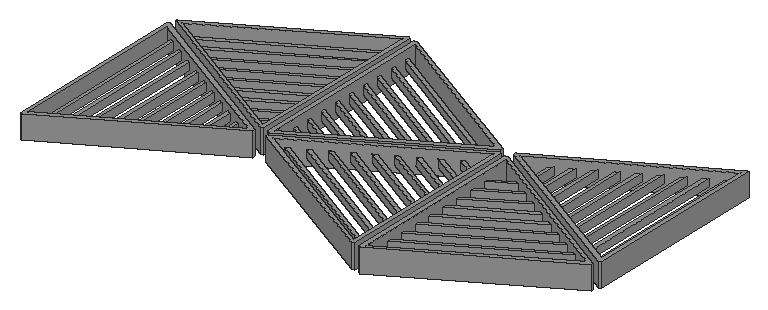
Revit family "CLD-FMD-004_RTV", category Modelos genéricos, Revit 2022 (continued)
Forms (in)
  Extrusion 237, solid, not visible
    sketch origin (-0.00149, 0.00149, -1.20924) x (0, 1, 0) y (0, 0, -1)
      loop
        line (0.96881, 1.14538) -> (0.96881, -1.85462) -> (0.65631, -1.85462) -> (0.65631, -2.35462) -> (0.96881, -2.35462) -> (3.48948, -2.35462) -> (3.48948, -0.60462) -> (4.19814, -0.60462) -> (4.19814, -2.35462) -> (9.23948, -2.35462) -> (9.23948, -0.60462) -> (9.94814, -0.60462) -> (9.94814, -2.35462) -> (14.98948, -2.35462) -> (14.98948, -0.60462) -> (15.69814, -0.60462) -> (15.69814, -2.35462) -> (20.73948, -2.35462) -> (20.73948, -0.60462) -> (21.44814, -0.60462) -> (21.44814, -2.35462) -> (24.28131, -2.35462) -> (24.28131, -1.85462) -> (23.96881, -1.85462) -> (23.96881, 1.14538) -> (0.96881, 1.14538)
    from -4.19963 to -4.08152
  Extrusion 238, solid, not visible
    sketch origin (0, 0, 0) x (1, 0, 0) y (0, 0, 1)
      loop
        line (0.96881, 0.64538) -> (0.96881, -2.35462) -> (3.48948, -2.35462) -> (3.48948, -0.60462) -> (4.19814, -0.60462) -> (4.19814, -2.35462) -> (9.23948, -2.35462) -> (9.23948, -0.60462) -> (9.94814, -0.60462) -> (9.94814, -2.35462) -> (14.98948, -2.35462) -> (14.98948, -0.60462) -> (15.69814, -0.60462) -> (15.69814, -2.35462) -> (20.73948, -2.35462) -> (20.73948, -0.60462) -> (21.44814, -0.60462) -> (21.44814, -2.35462) -> (23.96881, -2.35462) -> (23.96881, 0.64538) -> (24.28131, 0.64538) -> (24.28131, 1.14538) -> (0.65631, 1.14538) -> (0.65631, 0.64538) -> (0.96881, 0.64538)
    from -3.60908 to -3.49097
  Extrusion 239, solid, not visible
    sketch origin (0, 0, 0) x (1, 0, 0) y (0, 0, 1)
      loop
        line (0.96881, 0.64538) -> (0.96881, -2.35462) -> (3.48948, -2.35462) -> (3.48948, -0.60462) -> (4.19814, -0.60462) -> (4.19814, -2.35462) -> (9.23948, -2.35462) -> (9.23948, -0.60462) -> (9.94814, -0.60462) -> (9.94814, -2.35462) -> (14.98948, -2.35462) -> (14.98948, -0.60462) -> (15.69814, -0.60462) -> (15.69814, -2.35462) -> (20.73948, -2.35462) -> (20.73948, -0.60462) -> (21.44814, -0.60462) -> (21.44814, -2.35462) -> (23.96881, -2.35462) -> (23.96881, 0.64538) -> (24.28131, 0.64538) -> (24.28131, 1.14538) -> (0.65631, 1.14538) -> (0.65631, 0.64538) -> (0.96881, 0.64538)
    from -4.08152 to -3.60908
  Extrusion 240, solid, not visible
    sketch origin (0, 0, 0) x (1, 0, 0) y (0, 0, 1)
      loop
        line (0.96881, 0.64538) -> (0.96881, -2.35462) -> (3.48948, -2.35462) -> (3.48948, -0.60462) -> (4.19814, -0.60462) -> (4.19814, -2.35462) -> (9.23948, -2.35462) -> (9.23948, -0.60462) -> (9.94814, -0.60462) -> (9.94814, -2.35462) -> (14.98948, -2.35462) -> (14.98948, -0.60462) -> (15.69814, -0.60462) -> (15.69814, -2.35462) -> (20.73948, -2.35462) -> (20.73948, -0.60462) -> (21.44814, -0.60462) -> (21.44814, -2.35462) -> (23.96881, -2.35462) -> (23.96881, 0.64538) -> (24.28131, 0.64538) -> (24.28131, 1.14538) -> (0.65631, 1.14538) -> (0.65631, 0.64538) -> (0.96881, 0.64538)
    from -4.19963 to -4.08152
  Extrusion 241, solid, not visible
    sketch origin (0, 0, 0) x (1, 0, 0) y (0, 0, 1)
      loop
        line (0.96881, 0.64538) -> (0.96881, -2.35462) -> (3.48948, -2.35462) -> (3.48948, -0.60462) -> (4.19814, -0.60462) -> (4.19814, -2.35462) -> (9.23948, -2.35462) -> (9.23948, -0.60462) -> (9.94814, -0.60462) -> (9.94814, -2.35462) -> (14.98948, -2.35462) -> (14.98948, -0.60462) -> (15.69814, -0.60462) -> (15.69814, -2.35462) -> (20.73948, -2.35462) -> (20.73948, -0.60462) -> (21.44814, -0.60462) -> (21.44814, -2.35462) -> (23.96881, -2.35462) -> (23.96881, 0.64538) -> (24.28131, 0.64538) -> (24.28131, 1.14538) -> (0.65631, 1.14538) -> (0.65631, 0.64538) -> (0.96881, 0.64538)
    from -9.94963 to -9.83152
  Extrusion 242, solid, not visible
    sketch origin (0, 0, 0) x (1, 0, 0) y (0, 0, 1)
      loop
        line (0.96881, 0.64538) -> (0.96881, -2.35462) -> (3.48948, -2.35462) -> (3.48948, -0.60462) -> (4.19814, -0.60462) -> (4.19814, -2.35462) -> (9.23948, -2.35462) -> (9.23948, -0.60462) -> (9.94814, -0.60462) -> (9.94814, -2.35462) -> (14.98948, -2.35462) -> (14.98948, -0.60462) -> (15.69814, -0.60462) -> (15.69814, -2.35462) -> (20.73948, -2.35462) -> (20.73948, -0.60462) -> (21.44814, -0.60462) -> (21.44814, -2.35462) -> (23.96881, -2.35462) -> (23.96881, 0.64538) -> (24.28131, 0.64538) -> (24.28131, 1.14538) -> (0.65631, 1.14538) -> (0.65631, 0.64538) -> (0.96881, 0.64538)
    from -9.35908 to -9.24097
  Extrusion 243, solid, not visible
    sketch origin (0, 0, 0) x (1, 0, 0) y (0, 0, 1)
      loop
        line (0.96881, 0.64538) -> (0.96881, -2.35462) -> (3.48948, -2.35462) -> (3.48948, -0.60462) -> (4.19814, -0.60462) -> (4.19814, -2.35462) -> (9.23948, -2.35462) -> (9.23948, -0.60462) -> (9.94814, -0.60462) -> (9.94814, -2.35462) -> (14.98948, -2.35462) -> (14.98948, -0.60462) -> (15.69814, -0.60462) -> (15.69814, -2.35462) -> (20.73948, -2.35462) -> (20.73948, -0.60462) -> (21.44814, -0.60462) -> (21.44814, -2.35462) -> (23.96881, -2.35462) -> (23.96881, 0.64538) -> (24.28131, 0.64538) -> (24.28131, 1.14538) -> (0.65631, 1.14538) -> (0.65631, 0.64538) -> (0.96881, 0.64538)
    from -9.83152 to -9.35908
  Extrusion 244, solid, not visible
    sketch origin (0, 0, 0) x (1, 0, 0) y (0, 0, 1)
      loop
        line (0.96881, 0.64538) -> (0.96881, -2.35462) -> (3.48948, -2.35462) -> (3.48948, -0.60462) -> (4.19814, -0.60462) -> (4.19814, -2.35462) -> (9.23948, -2.35462) -> (9.23948, -0.60462) -> (9.94814, -0.60462) -> (9.94814, -2.35462) -> (14.98948, -2.35462) -> (14.98948, -0.60462) -> (15.69814, -0.60462) -> (15.69814, -2.35462) -> (20.73948, -2.35462) -> (20.73948, -0.60462) -> (21.44814, -0.60462) -> (21.44814, -2.35462) -> (23.96881, -2.35462) -> (23.96881, 0.64538) -> (24.28131, 0.64538) -> (24.28131, 1.14538) -> (0.65631, 1.14538) -> (0.65631, 0.64538) -> (0.96881, 0.64538)
    from -15.69963 to -15.58152
  Extrusion 245, solid, not visible
    sketch origin (0, 0, 0) x (1, 0, 0) y (0, 0, 1)
      loop
        line (0.96881, 0.64538) -> (0.96881, -2.35462) -> (3.48948, -2.35462) -> (3.48948, -0.60462) -> (4.19814, -0.60462) -> (4.19814, -2.35462) -> (9.23948, -2.35462) -> (9.23948, -0.60462) -> (9.94814, -0.60462) -> (9.94814, -2.35462) -> (14.98948, -2.35462) -> (14.98948, -0.60462) -> (15.69814, -0.60462) -> (15.69814, -2.35462) -> (20.73948, -2.35462) -> (20.73948, -0.60462) -> (21.44814, -0.60462) -> (21.44814, -2.35462) -> (23.96881, -2.35462) -> (23.96881, 0.64538) -> (24.28131, 0.64538) -> (24.28131, 1.14538) -> (0.65631, 1.14538) -> (0.65631, 0.64538) -> (0.96881, 0.64538)
    from -15.10908 to -14.99097
  Extrusion 246, solid, not visible
    sketch origin (0, 0, 0) x (1, 0, 0) y (0, 0, 1)
      loop
        line (0.96881, 0.64538) -> (0.96881, -2.35462) -> (3.48948, -2.35462) -> (3.48948, -0.60462) -> (4.19814, -0.60462) -> (4.19814, -2.35462) -> (9.23948, -2.35462) -> (9.23948, -0.60462) -> (9.94814, -0.60462) -> (9.94814, -2.35462) -> (14.98948, -2.35462) -> (14.98948, -0.60462) -> (15.69814, -0.60462) -> (15.69814, -2.35462) -> (20.73948, -2.35462) -> (20.73948, -0.60462) -> (21.44814, -0.60462) -> (21.44814, -2.35462) -> (23.96881, -2.35462) -> (23.96881, 0.64538) -> (24.28131, 0.64538) -> (24.28131, 1.14538) -> (0.65631, 1.14538) -> (0.65631, 0.64538) -> (0.96881, 0.64538)
    from -15.58152 to -15.10908
  Extrusion 247, solid, not visible
    sketch origin (0, 0, 0) x (1, 0, 0) y (0, 0, 1)
      loop
        line (0.96881, 0.64538) -> (0.96881, -2.35462) -> (3.48948, -2.35462) -> (3.48948, -0.60462) -> (4.19814, -0.60462) -> (4.19814, -2.35462) -> (9.23948, -2.35462) -> (9.23948, -0.60462) -> (9.94814, -0.60462) -> (9.94814, -2.35462) -> (14.98948, -2.35462) -> (14.98948, -0.60462) -> (15.69814, -0.60462) -> (15.69814, -2.35462) -> (20.73948, -2.35462) -> (20.73948, -0.60462) -> (21.44814, -0.60462) -> (21.44814, -2.35462) -> (23.96881, -2.35462) -> (23.96881, 0.64538) -> (24.28131, 0.64538) -> (24.28131, 1.14538) -> (0.65631, 1.14538) -> (0.65631, 0.64538) -> (0.96881, 0.64538)
    from -21.44963 to -21.33152
  Extrusion 248, solid, not visible
    sketch origin (0, 0, 0) x (1, 0, 0) y (0, 0, 1)
      loop
        line (0.96881, 0.64538) -> (0.96881, -2.35462) -> (3.48948, -2.35462) -> (3.48948, -0.60462) -> (4.19814, -0.60462) -> (4.19814, -2.35462) -> (9.23948, -2.35462) -> (9.23948, -0.60462) -> (9.94814, -0.60462) -> (9.94814, -2.35462) -> (14.98948, -2.35462) -> (14.98948, -0.60462) -> (15.69814, -0.60462) -> (15.69814, -2.35462) -> (20.73948, -2.35462) -> (20.73948, -0.60462) -> (21.44814, -0.60462) -> (21.44814, -2.35462) -> (23.96881, -2.35462) -> (23.96881, 0.64538) -> (24.28131, 0.64538) -> (24.28131, 1.14538) -> (0.65631, 1.14538) -> (0.65631, 0.64538) -> (0.96881, 0.64538)
    from -20.85908 to -20.74097
  Extrusion 249, solid, not visible
    sketch origin (0, 0, 0) x (1, 0, 0) y (0, 0, 1)
      loop
        line (0.96881, 0.64538) -> (0.96881, -2.35462) -> (3.48948, -2.35462) -> (3.48948, -0.60462) -> (4.19814, -0.60462) -> (4.19814, -2.35462) -> (9.23948, -2.35462) -> (9.23948, -0.60462) -> (9.94814, -0.60462) -> (9.94814, -2.35462) -> (14.98948, -2.35462) -> (14.98948, -0.60462) -> (15.69814, -0.60462) -> (15.69814, -2.35462) -> (20.73948, -2.35462) -> (20.73948, -0.60462) -> (21.44814, -0.60462) -> (21.44814, -2.35462) -> (23.96881, -2.35462) -> (23.96881, 0.64538) -> (24.28131, 0.64538) -> (24.28131, 1.14538) -> (0.65631, 1.14538) -> (0.65631, 0.64538) -> (0.96881, 0.64538)
    from -21.33152 to -20.85908
  Extrusion 250, solid, not visible
    sketch origin (-0.00149, 0.00149, -1.20924) x (0, 1, 0) y (0, 0, -1)
      loop
        line (0.96881, 1.14538) -> (0.96881, -1.85462) -> (0.65631, -1.85462) -> (0.65631, -2.35462) -> (0.96881, -2.35462) -> (3.48948, -2.35462) -> (3.48948, -0.60462) -> (4.19814, -0.60462) -> (4.19814, -2.35462) -> (9.23948, -2.35462) -> (9.23948, -0.60462) -> (9.94814, -0.60462) -> (9.94814, -2.35462) -> (14.98948, -2.35462) -> (14.98948, -0.60462) -> (15.69814, -0.60462) -> (15.69814, -2.35462) -> (20.73948, -2.35462) -> (20.73948, -0.60462) -> (21.44814, -0.60462) -> (21.44814, -2.35462) -> (24.28131, -2.35462) -> (24.28131, -1.85462) -> (23.96881, -1.85462) -> (23.96881, 1.14538) -> (0.96881, 1.14538)
    from -3.60908 to -3.49097
  Extrusion 251, solid, not visible
    sketch origin (0.11662, 0.00149, -1.20924) x (0, 1, 0) y (0, 0, -1)
      loop
        line (0.96881, 1.14538) -> (0.96881, -1.85462) -> (0.65631, -1.85462) -> (0.65631, -2.35462) -> (0.96881, -2.35462) -> (3.48948, -2.35462) -> (3.48948, -0.60462) -> (4.19814, -0.60462) -> (4.19814, -2.35462) -> (9.23948, -2.35462) -> (9.23948, -0.60462) -> (9.94814, -0.60462) -> (9.94814, -2.35462) -> (14.98948, -2.35462) -> (14.98948, -0.60462) -> (15.69814, -0.60462) -> (15.69814, -2.35462) -> (20.73948, -2.35462) -> (20.73948, -0.60462) -> (21.44814, -0.60462) -> (21.44814, -2.35462) -> (24.28131, -2.35462) -> (24.28131, -1.85462) -> (23.96881, -1.85462) -> (23.96881, 1.14538) -> (0.96881, 1.14538)
    from -3.96341 to -3.49097
  Extrusion 252, solid, not visible
    sketch origin (-0.00149, 0.00149, -1.20924) x (0, 1, 0) y (0, 0, -1)
      loop
        line (0.96881, 1.14538) -> (0.96881, -1.85462) -> (0.65631, -1.85462) -> (0.65631, -2.35462) -> (0.96881, -2.35462) -> (3.48948, -2.35462) -> (3.48948, -0.60462) -> (4.19814, -0.60462) -> (4.19814, -2.35462) -> (9.23948, -2.35462) -> (9.23948, -0.60462) -> (9.94814, -0.60462) -> (9.94814, -2.35462) -> (14.98948, -2.35462) -> (14.98948, -0.60462) -> (15.69814, -0.60462) -> (15.69814, -2.35462) -> (20.73948, -2.35462) -> (20.73948, -0.60462) -> (21.44814, -0.60462) -> (21.44814, -2.35462) -> (24.28131, -2.35462) -> (24.28131, -1.85462) -> (23.96881, -1.85462) -> (23.96881, 1.14538) -> (0.96881, 1.14538)
    from -4.19963 to -4.08152
  Extrusion 253, solid, not visible
    sketch origin (5.74851, 0.00149, -1.20924) x (0, 1, 0) y (0, 0, -1)
      loop
        line (0.96881, 1.14538) -> (0.96881, -1.85462) -> (0.65631, -1.85462) -> (0.65631, -2.35462) -> (0.96881, -2.35462) -> (3.48948, -2.35462) -> (3.48948, -0.60462) -> (4.19814, -0.60462) -> (4.19814, -2.35462) -> (9.23948, -2.35462) -> (9.23948, -0.60462) -> (9.94814, -0.60462) -> (9.94814, -2.35462) -> (14.98948, -2.35462) -> (14.98948, -0.60462) -> (15.69814, -0.60462) -> (15.69814, -2.35462) -> (20.73948, -2.35462) -> (20.73948, -0.60462) -> (21.44814, -0.60462) -> (21.44814, -2.35462) -> (24.28131, -2.35462) -> (24.28131, -1.85462) -> (23.96881, -1.85462) -> (23.96881, 1.14538) -> (0.96881, 1.14538)
    from -4.19963 to -4.08152
  Extrusion 254, solid, not visible
    sketch origin (5.15796, 0.00149, -1.20924) x (0, 1, 0) y (0, 0, -1)
      loop
        line (0.96881, 1.14538) -> (0.96881, -1.85462) -> (0.65631, -1.85462) -> (0.65631, -2.35462) -> (0.96881, -2.35462) -> (3.48948, -2.35462) -> (3.48948, -0.60462) -> (4.19814, -0.60462) -> (4.19814, -2.35462) -> (9.23948, -2.35462) -> (9.23948, -0.60462) -> (9.94814, -0.60462) -> (9.94814, -2.35462) -> (14.98948, -2.35462) -> (14.98948, -0.60462) -> (15.69814, -0.60462) -> (15.69814, -2.35462) -> (20.73948, -2.35462) -> (20.73948, -0.60462) -> (21.44814, -0.60462) -> (21.44814, -2.35462) -> (24.28131, -2.35462) -> (24.28131, -1.85462) -> (23.96881, -1.85462) -> (23.96881, 1.14538) -> (0.96881, 1.14538)
    from -4.19963 to -4.08152
  Extrusion 255, solid, not visible
    sketch origin (11.49851, 0.00149, -1.20924) x (0, 1, 0) y (0, 0, -1)
      loop
        line (0.96881, 1.14538) -> (0.96881, -1.85462) -> (0.65631, -1.85462) -> (0.65631, -2.35462) -> (0.96881, -2.35462) -> (3.48948, -2.35462) -> (3.48948, -0.60462) -> (4.19814, -0.60462) -> (4.19814, -2.35462) -> (9.23948, -2.35462) -> (9.23948, -0.60462) -> (9.94814, -0.60462) -> (9.94814, -2.35462) -> (14.98948, -2.35462) -> (14.98948, -0.60462) -> (15.69814, -0.60462) -> (15.69814, -2.35462) -> (20.73948, -2.35462) -> (20.73948, -0.60462) -> (21.44814, -0.60462) -> (21.44814, -2.35462) -> (24.28131, -2.35462) -> (24.28131, -1.85462) -> (23.96881, -1.85462) -> (23.96881, 1.14538) -> (0.96881, 1.14538)
    from -4.19963 to -4.08152
  Extrusion 256, solid, not visible
    sketch origin (10.90796, 0.00149, -1.20924) x (0, 1, 0) y (0, 0, -1)
      loop
        line (0.96881, 1.14538) -> (0.96881, -1.85462) -> (0.65631, -1.85462) -> (0.65631, -2.35462) -> (0.96881, -2.35462) -> (3.48948, -2.35462) -> (3.48948, -0.60462) -> (4.19814, -0.60462) -> (4.19814, -2.35462) -> (9.23948, -2.35462) -> (9.23948, -0.60462) -> (9.94814, -0.60462) -> (9.94814, -2.35462) -> (14.98948, -2.35462) -> (14.98948, -0.60462) -> (15.69814, -0.60462) -> (15.69814, -2.35462) -> (20.73948, -2.35462) -> (20.73948, -0.60462) -> (21.44814, -0.60462) -> (21.44814, -2.35462) -> (24.28131, -2.35462) -> (24.28131, -1.85462) -> (23.96881, -1.85462) -> (23.96881, 1.14538) -> (0.96881, 1.14538)
    from -4.19963 to -4.08152
  Extrusion 257, solid, not visible
    sketch origin (16.65796, 0.00149, -1.20924) x (0, 1, 0) y (0, 0, -1)
      loop
        line (0.96881, 1.14538) -> (0.96881, -1.85462) -> (0.65631, -1.85462) -> (0.65631, -2.35462) -> (0.96881, -2.35462) -> (3.48948, -2.35462) -> (3.48948, -0.60462) -> (4.19814, -0.60462) -> (4.19814, -2.35462) -> (9.23948, -2.35462) -> (9.23948, -0.60462) -> (9.94814, -0.60462) -> (9.94814, -2.35462) -> (14.98948, -2.35462) -> (14.98948, -0.60462) -> (15.69814, -0.60462) -> (15.69814, -2.35462) -> (20.73948, -2.35462) -> (20.73948, -0.60462) -> (21.44814, -0.60462) -> (21.44814, -2.35462) -> (24.28131, -2.35462) -> (24.28131, -1.85462) -> (23.96881, -1.85462) -> (23.96881, 1.14538) -> (0.96881, 1.14538)
    from -4.19963 to -4.08152
  Extrusion 258, solid, not visible
    sketch origin (17.24851, 0.00149, -1.20924) x (0, 1, 0) y (0, 0, -1)
      loop
        line (0.96881, 1.14538) -> (0.96881, -1.85462) -> (0.65631, -1.85462) -> (0.65631, -2.35462) -> (0.96881, -2.35462) -> (3.48948, -2.35462) -> (3.48948, -0.60462) -> (4.19814, -0.60462) -> (4.19814, -2.35462) -> (9.23948, -2.35462) -> (9.23948, -0.60462) -> (9.94814, -0.60462) -> (9.94814, -2.35462) -> (14.98948, -2.35462) -> (14.98948, -0.60462) -> (15.69814, -0.60462) -> (15.69814, -2.35462) -> (20.73948, -2.35462) -> (20.73948, -0.60462) -> (21.44814, -0.60462) -> (21.44814, -2.35462) -> (24.28131, -2.35462) -> (24.28131, -1.85462) -> (23.96881, -1.85462) -> (23.96881, 1.14538) -> (0.96881, 1.14538)
    from -4.19963 to -4.08152
  Extrusion 259, solid, not visible
    sketch origin (5.86662, 0.00149, -1.20924) x (0, 1, 0) y (0, 0, -1)
      loop
        line (0.96881, 1.14538) -> (0.96881, -1.85462) -> (0.65631, -1.85462) -> (0.65631, -2.35462) -> (0.96881, -2.35462) -> (3.48948, -2.35462) -> (3.48948, -0.60462) -> (4.19814, -0.60462) -> (4.19814, -2.35462) -> (9.23948, -2.35462) -> (9.23948, -0.60462) -> (9.94814, -0.60462) -> (9.94814, -2.35462) -> (14.98948, -2.35462) -> (14.98948, -0.60462) -> (15.69814, -0.60462) -> (15.69814, -2.35462) -> (20.73948, -2.35462) -> (20.73948, -0.60462) -> (21.44814, -0.60462) -> (21.44814, -2.35462) -> (24.28131, -2.35462) -> (24.28131, -1.85462) -> (23.96881, -1.85462) -> (23.96881, 1.14538) -> (0.96881, 1.14538)
    from -3.96341 to -3.49097
  Extrusion 260, solid, not visible
    sketch origin (11.61662, 0.00149, -1.20924) x (0, 1, 0) y (0, 0, -1)
      loop
        line (0.96881, 1.14538) -> (0.96881, -1.85462) -> (0.65631, -1.85462) -> (0.65631, -2.35462) -> (0.96881, -2.35462) -> (3.48948, -2.35462) -> (3.48948, -0.60462) -> (4.19814, -0.60462) -> (4.19814, -2.35462) -> (9.23948, -2.35462) -> (9.23948, -0.60462) -> (9.94814, -0.60462) -> (9.94814, -2.35462) -> (14.98948, -2.35462) -> (14.98948, -0.60462) -> (15.69814, -0.60462) -> (15.69814, -2.35462) -> (20.73948, -2.35462) -> (20.73948, -0.60462) -> (21.44814, -0.60462) -> (21.44814, -2.35462) -> (24.28131, -2.35462) -> (24.28131, -1.85462) -> (23.96881, -1.85462) -> (23.96881, 1.14538) -> (0.96881, 1.14538)
    from -3.96341 to -3.49097
  Extrusion 261, solid, not visible
    sketch origin (17.36662, 0.00149, -1.20924) x (0, 1, 0) y (0, 0, -1)
      loop
        line (0.96881, 1.14538) -> (0.96881, -1.85462) -> (0.65631, -1.85462) -> (0.65631, -2.35462) -> (0.96881, -2.35462) -> (3.48948, -2.35462) -> (3.48948, -0.60462) -> (4.19814, -0.60462) -> (4.19814, -2.35462) -> (9.23948, -2.35462) -> (9.23948, -0.60462) -> (9.94814, -0.60462) -> (9.94814, -2.35462) -> (14.98948, -2.35462) -> (14.98948, -0.60462) -> (15.69814, -0.60462) -> (15.69814, -2.35462) -> (20.73948, -2.35462) -> (20.73948, -0.60462) -> (21.44814, -0.60462) -> (21.44814, -2.35462) -> (24.28131, -2.35462) -> (24.28131, -1.85462) -> (23.96881, -1.85462) -> (23.96881, 1.14538) -> (0.96881, 1.14538)
    from -3.96341 to -3.49097
  Extrusion 262, solid, not visible
    sketch origin (0, 0, 0) x (1, 0, 0) y (0, 0, 1)
      loop
        line (0.96881, 0.64538) -> (0.96881, -2.35462) -> (3.48948, -2.35462) -> (3.48948, -0.60462) -> (4.19814, -0.60462) -> (4.19814, -2.35462) -> (9.23948, -2.35462) -> (9.23948, -0.60462) -> (9.94814, -0.60462) -> (9.94814, -2.35462) -> (14.98948, -2.35462) -> (14.98948, -0.60462) -> (15.69814, -0.60462) -> (15.69814, -2.35462) -> (20.73948, -2.35462) -> (20.73948, -0.60462) -> (21.44814, -0.60462) -> (21.44814, -2.35462) -> (23.96881, -2.35462) -> (23.96881, 0.64538) -> (24.28131, 0.64538) -> (24.28131, 1.14538) -> (0.65631, 1.14538) -> (0.65631, 0.64538) -> (0.96881, 0.64538)
    from -3.60908 to -3.49097
  Extrusion 263, solid, not visible
    sketch origin (0, 0, 0) x (1, 0, 0) y (0, 0, 1)
      loop
        line (0.96881, 0.64538) -> (0.96881, -2.35462) -> (3.48948, -2.35462) -> (3.48948, -0.60462) -> (4.19814, -0.60462) -> (4.19814, -2.35462) -> (9.23948, -2.35462) -> (9.23948, -0.60462) -> (9.94814, -0.60462) -> (9.94814, -2.35462) -> (14.98948, -2.35462) -> (14.98948, -0.60462) -> (15.69814, -0.60462) -> (15.69814, -2.35462) -> (20.73948, -2.35462) -> (20.73948, -0.60462) -> (21.44814, -0.60462) -> (21.44814, -2.35462) -> (23.96881, -2.35462) -> (23.96881, 0.64538) -> (24.28131, 0.64538) -> (24.28131, 1.14538) -> (0.65631, 1.14538) -> (0.65631, 0.64538) -> (0.96881, 0.64538)
    from -4.08152 to -3.60908
  Extrusion 264, solid, not visible
    sketch origin (0, 0, 0) x (1, 0, 0) y (0, 0, 1)
      loop
        line (0.96881, 0.64538) -> (0.96881, -2.35462) -> (3.48948, -2.35462) -> (3.48948, -0.60462) -> (4.19814, -0.60462) -> (4.19814, -2.35462) -> (9.23948, -2.35462) -> (9.23948, -0.60462) -> (9.94814, -0.60462) -> (9.94814, -2.35462) -> (14.98948, -2.35462) -> (14.98948, -0.60462) -> (15.69814, -0.60462) -> (15.69814, -2.35462) -> (20.73948, -2.35462) -> (20.73948, -0.60462) -> (21.44814, -0.60462) -> (21.44814, -2.35462) -> (23.96881, -2.35462) -> (23.96881, 0.64538) -> (24.28131, 0.64538) -> (24.28131, 1.14538) -> (0.65631, 1.14538) -> (0.65631, 0.64538) -> (0.96881, 0.64538)
    from -4.19963 to -4.08152
  Extrusion 265, solid, not visible
    sketch origin (-0.00149, 0.00149, -1.20924) x (0, 1, 0) y (0, 0, -1)
      loop
        line (0.96881, 1.14538) -> (0.96881, -1.85462) -> (0.65631, -1.85462) -> (0.65631, -2.35462) -> (0.96881, -2.35462) -> (3.48948, -2.35462) -> (3.48948, -0.60462) -> (4.19814, -0.60462) -> (4.19814, -2.35462) -> (9.23948, -2.35462) -> (9.23948, -0.60462) -> (9.94814, -0.60462) -> (9.94814, -2.35462) -> (14.98948, -2.35462) -> (14.98948, -0.60462) -> (15.69814, -0.60462) -> (15.69814, -2.35462) -> (20.73948, -2.35462) -> (20.73948, -0.60462) -> (21.44814, -0.60462) -> (21.44814, -2.35462) -> (24.28131, -2.35462) -> (24.28131, -1.85462) -> (23.96881, -1.85462) -> (23.96881, 1.14538) -> (0.96881, 1.14538)
    from -3.60908 to -3.49097
  Extrusion 266, solid, not visible
    sketch origin (0.11662, 0.00149, -1.20924) x (0, 1, 0) y (0, 0, -1)
      loop
        line (0.96881, 1.14538) -> (0.96881, -1.85462) -> (0.65631, -1.85462) -> (0.65631, -2.35462) -> (0.96881, -2.35462) -> (3.48948, -2.35462) -> (3.48948, -0.60462) -> (4.19814, -0.60462) -> (4.19814, -2.35462) -> (9.23948, -2.35462) -> (9.23948, -0.60462) -> (9.94814, -0.60462) -> (9.94814, -2.35462) -> (14.98948, -2.35462) -> (14.98948, -0.60462) -> (15.69814, -0.60462) -> (15.69814, -2.35462) -> (20.73948, -2.35462) -> (20.73948, -0.60462) -> (21.44814, -0.60462) -> (21.44814, -2.35462) -> (24.28131, -2.35462) -> (24.28131, -1.85462) -> (23.96881, -1.85462) -> (23.96881, 1.14538) -> (0.96881, 1.14538)
    from -3.96341 to -3.49097
  Extrusion 267, solid, not visible
    sketch origin (-0.00149, 0.00149, -1.20924) x (0, 1, 0) y (0, 0, -1)
      loop
        line (0.96881, 1.14538) -> (0.96881, -1.85462) -> (0.65631, -1.85462) -> (0.65631, -2.35462) -> (0.96881, -2.35462) -> (3.48948, -2.35462) -> (3.48948, -0.60462) -> (4.19814, -0.60462) -> (4.19814, -2.35462) -> (9.23948, -2.35462) -> (9.23948, -0.60462) -> (9.94814, -0.60462) -> (9.94814, -2.35462) -> (14.98948, -2.35462) -> (14.98948, -0.60462) -> (15.69814, -0.60462) -> (15.69814, -2.35462) -> (20.73948, -2.35462) -> (20.73948, -0.60462) -> (21.44814, -0.60462) -> (21.44814, -2.35462) -> (24.28131, -2.35462) -> (24.28131, -1.85462) -> (23.96881, -1.85462) -> (23.96881, 1.14538) -> (0.96881, 1.14538)
    from -4.19963 to -4.08152
  Extrusion 268, solid, not visible
    sketch origin (0, 0, 0) x (1, 0, 0) y (0, 0, 1)
      loop
        line (0.96881, 0.64538) -> (0.96881, -2.35462) -> (3.48948, -2.35462) -> (3.48948, -0.60462) -> (4.19814, -0.60462) -> (4.19814, -2.35462) -> (9.23948, -2.35462) -> (9.23948, -0.60462) -> (9.94814, -0.60462) -> (9.94814, -2.35462) -> (14.98948, -2.35462) -> (14.98948, -0.60462) -> (15.69814, -0.60462) -> (15.69814, -2.35462) -> (20.73948, -2.35462) -> (20.73948, -0.60462) -> (21.44814, -0.60462) -> (21.44814, -2.35462) -> (23.96881, -2.35462) -> (23.96881, 0.64538) -> (24.28131, 0.64538) -> (24.28131, 1.14538) -> (0.65631, 1.14538) -> (0.65631, 0.64538) -> (0.96881, 0.64538)
    from -9.94963 to -9.83152
  Extrusion 269, solid, not visible
    sketch origin (0, 0, 0) x (1, 0, 0) y (0, 0, 1)
      loop
        line (0.96881, 0.64538) -> (0.96881, -2.35462) -> (3.48948, -2.35462) -> (3.48948, -0.60462) -> (4.19814, -0.60462) -> (4.19814, -2.35462) -> (9.23948, -2.35462) -> (9.23948, -0.60462) -> (9.94814, -0.60462) -> (9.94814, -2.35462) -> (14.98948, -2.35462) -> (14.98948, -0.60462) -> (15.69814, -0.60462) -> (15.69814, -2.35462) -> (20.73948, -2.35462) -> (20.73948, -0.60462) -> (21.44814, -0.60462) -> (21.44814, -2.35462) -> (23.96881, -2.35462) -> (23.96881, 0.64538) -> (24.28131, 0.64538) -> (24.28131, 1.14538) -> (0.65631, 1.14538) -> (0.65631, 0.64538) -> (0.96881, 0.64538)
    from -9.35908 to -9.24097
  Extrusion 270, solid, not visible
    sketch origin (0, 0, 0) x (1, 0, 0) y (0, 0, 1)
      loop
        line (0.96881, 0.64538) -> (0.96881, -2.35462) -> (3.48948, -2.35462) -> (3.48948, -0.60462) -> (4.19814, -0.60462) -> (4.19814, -2.35462) -> (9.23948, -2.35462) -> (9.23948, -0.60462) -> (9.94814, -0.60462) -> (9.94814, -2.35462) -> (14.98948, -2.35462) -> (14.98948, -0.60462) -> (15.69814, -0.60462) -> (15.69814, -2.35462) -> (20.73948, -2.35462) -> (20.73948, -0.60462) -> (21.44814, -0.60462) -> (21.44814, -2.35462) -> (23.96881, -2.35462) -> (23.96881, 0.64538) -> (24.28131, 0.64538) -> (24.28131, 1.14538) -> (0.65631, 1.14538) -> (0.65631, 0.64538) -> (0.96881, 0.64538)
    from -9.83152 to -9.35908
  Extrusion 271, solid, not visible
    sketch origin (0, 0, 0) x (1, 0, 0) y (0, 0, 1)
      loop
        line (0.96881, 0.64538) -> (0.96881, -2.35462) -> (3.48948, -2.35462) -> (3.48948, -0.60462) -> (4.19814, -0.60462) -> (4.19814, -2.35462) -> (9.23948, -2.35462) -> (9.23948, -0.60462) -> (9.94814, -0.60462) -> (9.94814, -2.35462) -> (14.98948, -2.35462) -> (14.98948, -0.60462) -> (15.69814, -0.60462) -> (15.69814, -2.35462) -> (20.73948, -2.35462) -> (20.73948, -0.60462) -> (21.44814, -0.60462) -> (21.44814, -2.35462) -> (23.96881, -2.35462) -> (23.96881, 0.64538) -> (24.28131, 0.64538) -> (24.28131, 1.14538) -> (0.65631, 1.14538) -> (0.65631, 0.64538) -> (0.96881, 0.64538)
    from -15.69963 to -15.58152
  Extrusion 272, solid, not visible
    sketch origin (0, 0, 0) x (1, 0, 0) y (0, 0, 1)
      loop
        line (0.96881, 0.64538) -> (0.96881, -2.35462) -> (3.48948, -2.35462) -> (3.48948, -0.60462) -> (4.19814, -0.60462) -> (4.19814, -2.35462) -> (9.23948, -2.35462) -> (9.23948, -0.60462) -> (9.94814, -0.60462) -> (9.94814, -2.35462) -> (14.98948, -2.35462) -> (14.98948, -0.60462) -> (15.69814, -0.60462) -> (15.69814, -2.35462) -> (20.73948, -2.35462) -> (20.73948, -0.60462) -> (21.44814, -0.60462) -> (21.44814, -2.35462) -> (23.96881, -2.35462) -> (23.96881, 0.64538) -> (24.28131, 0.64538) -> (24.28131, 1.14538) -> (0.65631, 1.14538) -> (0.65631, 0.64538) -> (0.96881, 0.64538)
    from -15.10908 to -14.99097
  Extrusion 273, solid, not visible
    sketch origin (0, 0, 0) x (1, 0, 0) y (0, 0, 1)
      loop
        line (0.96881, 0.64538) -> (0.96881, -2.35462) -> (3.48948, -2.35462) -> (3.48948, -0.60462) -> (4.19814, -0.60462) -> (4.19814, -2.35462) -> (9.23948, -2.35462) -> (9.23948, -0.60462) -> (9.94814, -0.60462) -> (9.94814, -2.35462) -> (14.98948, -2.35462) -> (14.98948, -0.60462) -> (15.69814, -0.60462) -> (15.69814, -2.35462) -> (20.73948, -2.35462) -> (20.73948, -0.60462) -> (21.44814, -0.60462) -> (21.44814, -2.35462) -> (23.96881, -2.35462) -> (23.96881, 0.64538) -> (24.28131, 0.64538) -> (24.28131, 1.14538) -> (0.65631, 1.14538) -> (0.65631, 0.64538) -> (0.96881, 0.64538)
    from -15.58152 to -15.10908
  Extrusion 274, solid, not visible
    sketch origin (0, 0, 0) x (1, 0, 0) y (0, 0, 1)
      loop
        line (0.96881, 0.64538) -> (0.96881, -2.35462) -> (3.48948, -2.35462) -> (3.48948, -0.60462) -> (4.19814, -0.60462) -> (4.19814, -2.35462) -> (9.23948, -2.35462) -> (9.23948, -0.60462) -> (9.94814, -0.60462) -> (9.94814, -2.35462) -> (14.98948, -2.35462) -> (14.98948, -0.60462) -> (15.69814, -0.60462) -> (15.69814, -2.35462) -> (20.73948, -2.35462) -> (20.73948, -0.60462) -> (21.44814, -0.60462) -> (21.44814, -2.35462) -> (23.96881, -2.35462) -> (23.96881, 0.64538) -> (24.28131, 0.64538) -> (24.28131, 1.14538) -> (0.65631, 1.14538) -> (0.65631, 0.64538) -> (0.96881, 0.64538)
    from -21.44963 to -21.33152
  Extrusion 275, solid, not visible
    sketch origin (0, 0, 0) x (1, 0, 0) y (0, 0, 1)
      loop
        line (0.96881, 0.64538) -> (0.96881, -2.35462) -> (3.48948, -2.35462) -> (3.48948, -0.60462) -> (4.19814, -0.60462) -> (4.19814, -2.35462) -> (9.23948, -2.35462) -> (9.23948, -0.60462) -> (9.94814, -0.60462) -> (9.94814, -2.35462) -> (14.98948, -2.35462) -> (14.98948, -0.60462) -> (15.69814, -0.60462) -> (15.69814, -2.35462) -> (20.73948, -2.35462) -> (20.73948, -0.60462) -> (21.44814, -0.60462) -> (21.44814, -2.35462) -> (23.96881, -2.35462) -> (23.96881, 0.64538) -> (24.28131, 0.64538) -> (24.28131, 1.14538) -> (0.65631, 1.14538) -> (0.65631, 0.64538) -> (0.96881, 0.64538)
    from -20.85908 to -20.74097
  Extrusion 276, solid, not visible
    sketch origin (0, 0, 0) x (1, 0, 0) y (0, 0, 1)
      loop
        line (0.96881, 0.64538) -> (0.96881, -2.35462) -> (3.48948, -2.35462) -> (3.48948, -0.60462) -> (4.19814, -0.60462) -> (4.19814, -2.35462) -> (9.23948, -2.35462) -> (9.23948, -0.60462) -> (9.94814, -0.60462) -> (9.94814, -2.35462) -> (14.98948, -2.35462) -> (14.98948, -0.60462) -> (15.69814, -0.60462) -> (15.69814, -2.35462) -> (20.73948, -2.35462) -> (20.73948, -0.60462) -> (21.44814, -0.60462) -> (21.44814, -2.35462) -> (23.96881, -2.35462) -> (23.96881, 0.64538) -> (24.28131, 0.64538) -> (24.28131, 1.14538) -> (0.65631, 1.14538) -> (0.65631, 0.64538) -> (0.96881, 0.64538)
    from -21.33152 to -20.85908
  Extrusion 277, solid, not visible
    sketch origin (5.74851, 0.00149, -1.20924) x (0, 1, 0) y (0, 0, -1)
      loop
        line (0.96881, 1.14538) -> (0.96881, -1.85462) -> (0.65631, -1.85462) -> (0.65631, -2.35462) -> (0.96881, -2.35462) -> (3.48948, -2.35462) -> (3.48948, -0.60462) -> (4.19814, -0.60462) -> (4.19814, -2.35462) -> (9.23948, -2.35462) -> (9.23948, -0.60462) -> (9.94814, -0.60462) -> (9.94814, -2.35462) -> (14.98948, -2.35462) -> (14.98948, -0.60462) -> (15.69814, -0.60462) -> (15.69814, -2.35462) -> (20.73948, -2.35462) -> (20.73948, -0.60462) -> (21.44814, -0.60462) -> (21.44814, -2.35462) -> (24.28131, -2.35462) -> (24.28131, -1.85462) -> (23.96881, -1.85462) -> (23.96881, 1.14538) -> (0.96881, 1.14538)
    from -4.19963 to -4.08152
  Extrusion 278, solid, not visible
    sketch origin (5.15796, 0.00149, -1.20924) x (0, 1, 0) y (0, 0, -1)
      loop
        line (0.96881, 1.14538) -> (0.96881, -1.85462) -> (0.65631, -1.85462) -> (0.65631, -2.35462) -> (0.96881, -2.35462) -> (3.48948, -2.35462) -> (3.48948, -0.60462) -> (4.19814, -0.60462) -> (4.19814, -2.35462) -> (9.23948, -2.35462) -> (9.23948, -0.60462) -> (9.94814, -0.60462) -> (9.94814, -2.35462) -> (14.98948, -2.35462) -> (14.98948, -0.60462) -> (15.69814, -0.60462) -> (15.69814, -2.35462) -> (20.73948, -2.35462) -> (20.73948, -0.60462) -> (21.44814, -0.60462) -> (21.44814, -2.35462) -> (24.28131, -2.35462) -> (24.28131, -1.85462) -> (23.96881, -1.85462) -> (23.96881, 1.14538) -> (0.96881, 1.14538)
    from -4.19963 to -4.08152
  Extrusion 279, solid, not visible
    sketch origin (11.49851, 0.00149, -1.20924) x (0, 1, 0) y (0, 0, -1)
      loop
        line (0.96881, 1.14538) -> (0.96881, -1.85462) -> (0.65631, -1.85462) -> (0.65631, -2.35462) -> (0.96881, -2.35462) -> (3.48948, -2.35462) -> (3.48948, -0.60462) -> (4.19814, -0.60462) -> (4.19814, -2.35462) -> (9.23948, -2.35462) -> (9.23948, -0.60462) -> (9.94814, -0.60462) -> (9.94814, -2.35462) -> (14.98948, -2.35462) -> (14.98948, -0.60462) -> (15.69814, -0.60462) -> (15.69814, -2.35462) -> (20.73948, -2.35462) -> (20.73948, -0.60462) -> (21.44814, -0.60462) -> (21.44814, -2.35462) -> (24.28131, -2.35462) -> (24.28131, -1.85462) -> (23.96881, -1.85462) -> (23.96881, 1.14538) -> (0.96881, 1.14538)
    from -4.19963 to -4.08152
  Extrusion 280, solid, not visible
    sketch origin (10.90796, 0.00149, -1.20924) x (0, 1, 0) y (0, 0, -1)
      loop
        line (0.96881, 1.14538) -> (0.96881, -1.85462) -> (0.65631, -1.85462) -> (0.65631, -2.35462) -> (0.96881, -2.35462) -> (3.48948, -2.35462) -> (3.48948, -0.60462) -> (4.19814, -0.60462) -> (4.19814, -2.35462) -> (9.23948, -2.35462) -> (9.23948, -0.60462) -> (9.94814, -0.60462) -> (9.94814, -2.35462) -> (14.98948, -2.35462) -> (14.98948, -0.60462) -> (15.69814, -0.60462) -> (15.69814, -2.35462) -> (20.73948, -2.35462) -> (20.73948, -0.60462) -> (21.44814, -0.60462) -> (21.44814, -2.35462) -> (24.28131, -2.35462) -> (24.28131, -1.85462) -> (23.96881, -1.85462) -> (23.96881, 1.14538) -> (0.96881, 1.14538)
    from -4.19963 to -4.08152
  Extrusion 281, solid, not visible
    sketch origin (16.65796, 0.00149, -1.20924) x (0, 1, 0) y (0, 0, -1)
      loop
        line (0.96881, 1.14538) -> (0.96881, -1.85462) -> (0.65631, -1.85462) -> (0.65631, -2.35462) -> (0.96881, -2.35462) -> (3.48948, -2.35462) -> (3.48948, -0.60462) -> (4.19814, -0.60462) -> (4.19814, -2.35462) -> (9.23948, -2.35462) -> (9.23948, -0.60462) -> (9.94814, -0.60462) -> (9.94814, -2.35462) -> (14.98948, -2.35462) -> (14.98948, -0.60462) -> (15.69814, -0.60462) -> (15.69814, -2.35462) -> (20.73948, -2.35462) -> (20.73948, -0.60462) -> (21.44814, -0.60462) -> (21.44814, -2.35462) -> (24.28131, -2.35462) -> (24.28131, -1.85462) -> (23.96881, -1.85462) -> (23.96881, 1.14538) -> (0.96881, 1.14538)
    from -4.19963 to -4.08152
  Extrusion 282, solid, not visible
    sketch origin (17.24851, 0.00149, -1.20924) x (0, 1, 0) y (0, 0, -1)
      loop
        line (0.96881, 1.14538) -> (0.96881, -1.85462) -> (0.65631, -1.85462) -> (0.65631, -2.35462) -> (0.96881, -2.35462) -> (3.48948, -2.35462) -> (3.48948, -0.60462) -> (4.19814, -0.60462) -> (4.19814, -2.35462) -> (9.23948, -2.35462) -> (9.23948, -0.60462) -> (9.94814, -0.60462) -> (9.94814, -2.35462) -> (14.98948, -2.35462) -> (14.98948, -0.60462) -> (15.69814, -0.60462) -> (15.69814, -2.35462) -> (20.73948, -2.35462) -> (20.73948, -0.60462) -> (21.44814, -0.60462) -> (21.44814, -2.35462) -> (24.28131, -2.35462) -> (24.28131, -1.85462) -> (23.96881, -1.85462) -> (23.96881, 1.14538) -> (0.96881, 1.14538)
    from -4.19963 to -4.08152
  Extrusion 283, solid, not visible
    sketch origin (5.86662, 0.00149, -1.20924) x (0, 1, 0) y (0, 0, -1)
      loop
        line (0.96881, 1.14538) -> (0.96881, -1.85462) -> (0.65631, -1.85462) -> (0.65631, -2.35462) -> (0.96881, -2.35462) -> (3.48948, -2.35462) -> (3.48948, -0.60462) -> (4.19814, -0.60462) -> (4.19814, -2.35462) -> (9.23948, -2.35462) -> (9.23948, -0.60462) -> (9.94814, -0.60462) -> (9.94814, -2.35462) -> (14.98948, -2.35462) -> (14.98948, -0.60462) -> (15.69814, -0.60462) -> (15.69814, -2.35462) -> (20.73948, -2.35462) -> (20.73948, -0.60462) -> (21.44814, -0.60462) -> (21.44814, -2.35462) -> (24.28131, -2.35462) -> (24.28131, -1.85462) -> (23.96881, -1.85462) -> (23.96881, 1.14538) -> (0.96881, 1.14538)
    from -3.96341 to -3.49097
  Extrusion 284, solid, not visible
    sketch origin (11.61662, 0.00149, -1.20924) x (0, 1, 0) y (0, 0, -1)
      loop
        line (0.96881, 1.14538) -> (0.96881, -1.85462) -> (0.65631, -1.85462) -> (0.65631, -2.35462) -> (0.96881, -2.35462) -> (3.48948, -2.35462) -> (3.48948, -0.60462) -> (4.19814, -0.60462) -> (4.19814, -2.35462) -> (9.23948, -2.35462) -> (9.23948, -0.60462) -> (9.94814, -0.60462) -> (9.94814, -2.35462) -> (14.98948, -2.35462) -> (14.98948, -0.60462) -> (15.69814, -0.60462) -> (15.69814, -2.35462) -> (20.73948, -2.35462) -> (20.73948, -0.60462) -> (21.44814, -0.60462) -> (21.44814, -2.35462) -> (24.28131, -2.35462) -> (24.28131, -1.85462) -> (23.96881, -1.85462) -> (23.96881, 1.14538) -> (0.96881, 1.14538)
    from -3.96341 to -3.49097
  Extrusion 285, solid, not visible
    sketch origin (17.36662, 0.00149, -1.20924) x (0, 1, 0) y (0, 0, -1)
      loop
        line (0.96881, 1.14538) -> (0.96881, -1.85462) -> (0.65631, -1.85462) -> (0.65631, -2.35462) -> (0.96881, -2.35462) -> (3.48948, -2.35462) -> (3.48948, -0.60462) -> (4.19814, -0.60462) -> (4.19814, -2.35462) -> (9.23948, -2.35462) -> (9.23948, -0.60462) -> (9.94814, -0.60462) -> (9.94814, -2.35462) -> (14.98948, -2.35462) -> (14.98948, -0.60462) -> (15.69814, -0.60462) -> (15.69814, -2.35462) -> (20.73948, -2.35462) -> (20.73948, -0.60462) -> (21.44814, -0.60462) -> (21.44814, -2.35462) -> (24.28131, -2.35462) -> (24.28131, -1.85462) -> (23.96881, -1.85462) -> (23.96881, 1.14538) -> (0.96881, 1.14538)
    from -3.96341 to -3.49097
  Extrusion 286, solid, not visible
    sketch origin (-44, 0, 0) x (1, 0, 0) y (0, 0, 1)
      loop
        line (0.96881, 0.64538) -> (0.96881, -2.35462) -> (3.48948, -2.35462) -> (3.48948, -0.60462) -> (4.19814, -0.60462) -> (4.19814, -2.35462) -> (9.23948, -2.35462) -> (9.23948, -0.60462) -> (9.94814, -0.60462) -> (9.94814, -2.35462) -> (14.98948, -2.35462) -> (14.98948, -0.60462) -> (15.69814, -0.60462) -> (15.69814, -2.35462) -> (20.73948, -2.35462) -> (20.73948, -0.60462) -> (21.44814, -0.60462) -> (21.44814, -2.35462) -> (23.96881, -2.35462) -> (23.96881, 0.64538) -> (24.28131, 0.64538) -> (24.28131, 1.14538) -> (0.65631, 1.14538) -> (0.65631, 0.64538) -> (0.96881, 0.64538)
    from -3.60908 to -3.49097
  Extrusion 287, solid, not visible
    sketch origin (-44, 0, 0) x (1, 0, 0) y (0, 0, 1)
      loop
        line (0.96881, 0.64538) -> (0.96881, -2.35462) -> (3.48948, -2.35462) -> (3.48948, -0.60462) -> (4.19814, -0.60462) -> (4.19814, -2.35462) -> (9.23948, -2.35462) -> (9.23948, -0.60462) -> (9.94814, -0.60462) -> (9.94814, -2.35462) -> (14.98948, -2.35462) -> (14.98948, -0.60462) -> (15.69814, -0.60462) -> (15.69814, -2.35462) -> (20.73948, -2.35462) -> (20.73948, -0.60462) -> (21.44814, -0.60462) -> (21.44814, -2.35462) -> (23.96881, -2.35462) -> (23.96881, 0.64538) -> (24.28131, 0.64538) -> (24.28131, 1.14538) -> (0.65631, 1.14538) -> (0.65631, 0.64538) -> (0.96881, 0.64538)
    from -4.08152 to -3.60908
  Extrusion 288, solid, not visible
    sketch origin (-44, 0, 0) x (1, 0, 0) y (0, 0, 1)
      loop
        line (0.96881, 0.64538) -> (0.96881, -2.35462) -> (3.48948, -2.35462) -> (3.48948, -0.60462) -> (4.19814, -0.60462) -> (4.19814, -2.35462) -> (9.23948, -2.35462) -> (9.23948, -0.60462) -> (9.94814, -0.60462) -> (9.94814, -2.35462) -> (14.98948, -2.35462) -> (14.98948, -0.60462) -> (15.69814, -0.60462) -> (15.69814, -2.35462) -> (20.73948, -2.35462) -> (20.73948, -0.60462) -> (21.44814, -0.60462) -> (21.44814, -2.35462) -> (23.96881, -2.35462) -> (23.96881, 0.64538) -> (24.28131, 0.64538) -> (24.28131, 1.14538) -> (0.65631, 1.14538) -> (0.65631, 0.64538) -> (0.96881, 0.64538)
    from -4.19963 to -4.08152
  Extrusion 289, solid, not visible
    sketch origin (-44, 0, 0) x (1, 0, 0) y (0, 0, 1)
      loop
        line (0.96881, 0.64538) -> (0.96881, -2.35462) -> (3.48948, -2.35462) -> (3.48948, -0.60462) -> (4.19814, -0.60462) -> (4.19814, -2.35462) -> (9.23948, -2.35462) -> (9.23948, -0.60462) -> (9.94814, -0.60462) -> (9.94814, -2.35462) -> (14.98948, -2.35462) -> (14.98948, -0.60462) -> (15.69814, -0.60462) -> (15.69814, -2.35462) -> (20.73948, -2.35462) -> (20.73948, -0.60462) -> (21.44814, -0.60462) -> (21.44814, -2.35462) -> (23.96881, -2.35462) -> (23.96881, 0.64538) -> (24.28131, 0.64538) -> (24.28131, 1.14538) -> (0.65631, 1.14538) -> (0.65631, 0.64538) -> (0.96881, 0.64538)
    from -9.94963 to -9.83152
  Extrusion 290, solid, not visible
    sketch origin (-44, 0, 0) x (1, 0, 0) y (0, 0, 1)
      loop
        line (0.96881, 0.64538) -> (0.96881, -2.35462) -> (3.48948, -2.35462) -> (3.48948, -0.60462) -> (4.19814, -0.60462) -> (4.19814, -2.35462) -> (9.23948, -2.35462) -> (9.23948, -0.60462) -> (9.94814, -0.60462) -> (9.94814, -2.35462) -> (14.98948, -2.35462) -> (14.98948, -0.60462) -> (15.69814, -0.60462) -> (15.69814, -2.35462) -> (20.73948, -2.35462) -> (20.73948, -0.60462) -> (21.44814, -0.60462) -> (21.44814, -2.35462) -> (23.96881, -2.35462) -> (23.96881, 0.64538) -> (24.28131, 0.64538) -> (24.28131, 1.14538) -> (0.65631, 1.14538) -> (0.65631, 0.64538) -> (0.96881, 0.64538)
    from -9.35908 to -9.24097
  Extrusion 291, solid, not visible
    sketch origin (-44, 0, 0) x (1, 0, 0) y (0, 0, 1)
      loop
        line (0.96881, 0.64538) -> (0.96881, -2.35462) -> (3.48948, -2.35462) -> (3.48948, -0.60462) -> (4.19814, -0.60462) -> (4.19814, -2.35462) -> (9.23948, -2.35462) -> (9.23948, -0.60462) -> (9.94814, -0.60462) -> (9.94814, -2.35462) -> (14.98948, -2.35462) -> (14.98948, -0.60462) -> (15.69814, -0.60462) -> (15.69814, -2.35462) -> (20.73948, -2.35462) -> (20.73948, -0.60462) -> (21.44814, -0.60462) -> (21.44814, -2.35462) -> (23.96881, -2.35462) -> (23.96881, 0.64538) -> (24.28131, 0.64538) -> (24.28131, 1.14538) -> (0.65631, 1.14538) -> (0.65631, 0.64538) -> (0.96881, 0.64538)
    from -9.83152 to -9.35908
  Extrusion 292, solid, not visible
    sketch origin (-44, 0, 0) x (1, 0, 0) y (0, 0, 1)
      loop
        line (0.96881, 0.64538) -> (0.96881, -2.35462) -> (3.48948, -2.35462) -> (3.48948, -0.60462) -> (4.19814, -0.60462) -> (4.19814, -2.35462) -> (9.23948, -2.35462) -> (9.23948, -0.60462) -> (9.94814, -0.60462) -> (9.94814, -2.35462) -> (14.98948, -2.35462) -> (14.98948, -0.60462) -> (15.69814, -0.60462) -> (15.69814, -2.35462) -> (20.73948, -2.35462) -> (20.73948, -0.60462) -> (21.44814, -0.60462) -> (21.44814, -2.35462) -> (23.96881, -2.35462) -> (23.96881, 0.64538) -> (24.28131, 0.64538) -> (24.28131, 1.14538) -> (0.65631, 1.14538) -> (0.65631, 0.64538) -> (0.96881, 0.64538)
    from -15.69963 to -15.58152
  Extrusion 293, solid, not visible
    sketch origin (-44, 0, 0) x (1, 0, 0) y (0, 0, 1)
      loop
        line (0.96881, 0.64538) -> (0.96881, -2.35462) -> (3.48948, -2.35462) -> (3.48948, -0.60462) -> (4.19814, -0.60462) -> (4.19814, -2.35462) -> (9.23948, -2.35462) -> (9.23948, -0.60462) -> (9.94814, -0.60462) -> (9.94814, -2.35462) -> (14.98948, -2.35462) -> (14.98948, -0.60462) -> (15.69814, -0.60462) -> (15.69814, -2.35462) -> (20.73948, -2.35462) -> (20.73948, -0.60462) -> (21.44814, -0.60462) -> (21.44814, -2.35462) -> (23.96881, -2.35462) -> (23.96881, 0.64538) -> (24.28131, 0.64538) -> (24.28131, 1.14538) -> (0.65631, 1.14538) -> (0.65631, 0.64538) -> (0.96881, 0.64538)
    from -15.10908 to -14.99097
  Extrusion 294, solid, not visible
    sketch origin (-44, 0, 0) x (1, 0, 0) y (0, 0, 1)
      loop
        line (0.96881, 0.64538) -> (0.96881, -2.35462) -> (3.48948, -2.35462) -> (3.48948, -0.60462) -> (4.19814, -0.60462) -> (4.19814, -2.35462) -> (9.23948, -2.35462) -> (9.23948, -0.60462) -> (9.94814, -0.60462) -> (9.94814, -2.35462) -> (14.98948, -2.35462) -> (14.98948, -0.60462) -> (15.69814, -0.60462) -> (15.69814, -2.35462) -> (20.73948, -2.35462) -> (20.73948, -0.60462) -> (21.44814, -0.60462) -> (21.44814, -2.35462) -> (23.96881, -2.35462) -> (23.96881, 0.64538) -> (24.28131, 0.64538) -> (24.28131, 1.14538) -> (0.65631, 1.14538) -> (0.65631, 0.64538) -> (0.96881, 0.64538)
    from -15.58152 to -15.10908
  Extrusion 295, solid, not visible
    sketch origin (-44, 0, 0) x (1, 0, 0) y (0, 0, 1)
      loop
        line (0.96881, 0.64538) -> (0.96881, -2.35462) -> (3.48948, -2.35462) -> (3.48948, -0.60462) -> (4.19814, -0.60462) -> (4.19814, -2.35462) -> (9.23948, -2.35462) -> (9.23948, -0.60462) -> (9.94814, -0.60462) -> (9.94814, -2.35462) -> (14.98948, -2.35462) -> (14.98948, -0.60462) -> (15.69814, -0.60462) -> (15.69814, -2.35462) -> (20.73948, -2.35462) -> (20.73948, -0.60462) -> (21.44814, -0.60462) -> (21.44814, -2.35462) -> (23.96881, -2.35462) -> (23.96881, 0.64538) -> (24.28131, 0.64538) -> (24.28131, 1.14538) -> (0.65631, 1.14538) -> (0.65631, 0.64538) -> (0.96881, 0.64538)
    from -21.44963 to -21.33152
  Extrusion 296, solid, not visible
    sketch origin (-44, 0, 0) x (1, 0, 0) y (0, 0, 1)
      loop
        line (0.96881, 0.64538) -> (0.96881, -2.35462) -> (3.48948, -2.35462) -> (3.48948, -0.60462) -> (4.19814, -0.60462) -> (4.19814, -2.35462) -> (9.23948, -2.35462) -> (9.23948, -0.60462) -> (9.94814, -0.60462) -> (9.94814, -2.35462) -> (14.98948, -2.35462) -> (14.98948, -0.60462) -> (15.69814, -0.60462) -> (15.69814, -2.35462) -> (20.73948, -2.35462) -> (20.73948, -0.60462) -> (21.44814, -0.60462) -> (21.44814, -2.35462) -> (23.96881, -2.35462) -> (23.96881, 0.64538) -> (24.28131, 0.64538) -> (24.28131, 1.14538) -> (0.65631, 1.14538) -> (0.65631, 0.64538) -> (0.96881, 0.64538)
    from -20.85908 to -20.74097
  Extrusion 297, solid, not visible
    sketch origin (-44, 0, 0) x (1, 0, 0) y (0, 0, 1)
      loop
        line (0.96881, 0.64538) -> (0.96881, -2.35462) -> (3.48948, -2.35462) -> (3.48948, -0.60462) -> (4.19814, -0.60462) -> (4.19814, -2.35462) -> (9.23948, -2.35462) -> (9.23948, -0.60462) -> (9.94814, -0.60462) -> (9.94814, -2.35462) -> (14.98948, -2.35462) -> (14.98948, -0.60462) -> (15.69814, -0.60462) -> (15.69814, -2.35462) -> (20.73948, -2.35462) -> (20.73948, -0.60462) -> (21.44814, -0.60462) -> (21.44814, -2.35462) -> (23.96881, -2.35462) -> (23.96881, 0.64538) -> (24.28131, 0.64538) -> (24.28131, 1.14538) -> (0.65631, 1.14538) -> (0.65631, 0.64538) -> (0.96881, 0.64538)
    from -21.33152 to -20.85908
  Extrusion 298, solid, not visible
    sketch origin (-44.00149, 0.00149, -1.20924) x (0, 1, 0) y (0, 0, -1)
      loop
        line (0.96881, 1.14538) -> (0.96881, -1.85462) -> (0.65631, -1.85462) -> (0.65631, -2.35462) -> (0.96881, -2.35462) -> (3.48948, -2.35462) -> (3.48948, -0.60462) -> (4.19814, -0.60462) -> (4.19814, -2.35462) -> (9.23948, -2.35462) -> (9.23948, -0.60462) -> (9.94814, -0.60462) -> (9.94814, -2.35462) -> (14.98948, -2.35462) -> (14.98948, -0.60462) -> (15.69814, -0.60462) -> (15.69814, -2.35462) -> (20.73948, -2.35462) -> (20.73948, -0.60462) -> (21.44814, -0.60462) -> (21.44814, -2.35462) -> (24.28131, -2.35462) -> (24.28131, -1.85462) -> (23.96881, -1.85462) -> (23.96881, 1.14538) -> (0.96881, 1.14538)
    from -3.60908 to -3.49097
  Extrusion 299, solid, not visible
    sketch origin (-43.88338, 0.00149, -1.20924) x (0, 1, 0) y (0, 0, -1)
      loop
        line (0.96881, 1.14538) -> (0.96881, -1.85462) -> (0.65631, -1.85462) -> (0.65631, -2.35462) -> (0.96881, -2.35462) -> (3.48948, -2.35462) -> (3.48948, -0.60462) -> (4.19814, -0.60462) -> (4.19814, -2.35462) -> (9.23948, -2.35462) -> (9.23948, -0.60462) -> (9.94814, -0.60462) -> (9.94814, -2.35462) -> (14.98948, -2.35462) -> (14.98948, -0.60462) -> (15.69814, -0.60462) -> (15.69814, -2.35462) -> (20.73948, -2.35462) -> (20.73948, -0.60462) -> (21.44814, -0.60462) -> (21.44814, -2.35462) -> (24.28131, -2.35462) -> (24.28131, -1.85462) -> (23.96881, -1.85462) -> (23.96881, 1.14538) -> (0.96881, 1.14538)
    from -3.96341 to -3.49097
  Extrusion 300, solid, not visible
    sketch origin (-44.00149, 0.00149, -1.20924) x (0, 1, 0) y (0, 0, -1)
      loop
        line (0.96881, 1.14538) -> (0.96881, -1.85462) -> (0.65631, -1.85462) -> (0.65631, -2.35462) -> (0.96881, -2.35462) -> (3.48948, -2.35462) -> (3.48948, -0.60462) -> (4.19814, -0.60462) -> (4.19814, -2.35462) -> (9.23948, -2.35462) -> (9.23948, -0.60462) -> (9.94814, -0.60462) -> (9.94814, -2.35462) -> (14.98948, -2.35462) -> (14.98948, -0.60462) -> (15.69814, -0.60462) -> (15.69814, -2.35462) -> (20.73948, -2.35462) -> (20.73948, -0.60462) -> (21.44814, -0.60462) -> (21.44814, -2.35462) -> (24.28131, -2.35462) -> (24.28131, -1.85462) -> (23.96881, -1.85462) -> (23.96881, 1.14538) -> (0.96881, 1.14538)
    from -4.19963 to -4.08152
  Extrusion 301, solid, not visible
    sketch origin (-38.25149, 0.00149, -1.20924) x (0, 1, 0) y (0, 0, -1)
      loop
        line (0.96881, 1.14538) -> (0.96881, -1.85462) -> (0.65631, -1.85462) -> (0.65631, -2.35462) -> (0.96881, -2.35462) -> (3.48948, -2.35462) -> (3.48948, -0.60462) -> (4.19814, -0.60462) -> (4.19814, -2.35462) -> (9.23948, -2.35462) -> (9.23948, -0.60462) -> (9.94814, -0.60462) -> (9.94814, -2.35462) -> (14.98948, -2.35462) -> (14.98948, -0.60462) -> (15.69814, -0.60462) -> (15.69814, -2.35462) -> (20.73948, -2.35462) -> (20.73948, -0.60462) -> (21.44814, -0.60462) -> (21.44814, -2.35462) -> (24.28131, -2.35462) -> (24.28131, -1.85462) -> (23.96881, -1.85462) -> (23.96881, 1.14538) -> (0.96881, 1.14538)
    from -4.19963 to -4.08152
  Extrusion 302, solid, not visible
    sketch origin (-38.84204, 0.00149, -1.20924) x (0, 1, 0) y (0, 0, -1)
      loop
        line (0.96881, 1.14538) -> (0.96881, -1.85462) -> (0.65631, -1.85462) -> (0.65631, -2.35462) -> (0.96881, -2.35462) -> (3.48948, -2.35462) -> (3.48948, -0.60462) -> (4.19814, -0.60462) -> (4.19814, -2.35462) -> (9.23948, -2.35462) -> (9.23948, -0.60462) -> (9.94814, -0.60462) -> (9.94814, -2.35462) -> (14.98948, -2.35462) -> (14.98948, -0.60462) -> (15.69814, -0.60462) -> (15.69814, -2.35462) -> (20.73948, -2.35462) -> (20.73948, -0.60462) -> (21.44814, -0.60462) -> (21.44814, -2.35462) -> (24.28131, -2.35462) -> (24.28131, -1.85462) -> (23.96881, -1.85462) -> (23.96881, 1.14538) -> (0.96881, 1.14538)
    from -4.19963 to -4.08152
  Extrusion 303, solid, not visible
    sketch origin (-32.50149, 0.00149, -1.20924) x (0, 1, 0) y (0, 0, -1)
      loop
        line (0.96881, 1.14538) -> (0.96881, -1.85462) -> (0.65631, -1.85462) -> (0.65631, -2.35462) -> (0.96881, -2.35462) -> (3.48948, -2.35462) -> (3.48948, -0.60462) -> (4.19814, -0.60462) -> (4.19814, -2.35462) -> (9.23948, -2.35462) -> (9.23948, -0.60462) -> (9.94814, -0.60462) -> (9.94814, -2.35462) -> (14.98948, -2.35462) -> (14.98948, -0.60462) -> (15.69814, -0.60462) -> (15.69814, -2.35462) -> (20.73948, -2.35462) -> (20.73948, -0.60462) -> (21.44814, -0.60462) -> (21.44814, -2.35462) -> (24.28131, -2.35462) -> (24.28131, -1.85462) -> (23.96881, -1.85462) -> (23.96881, 1.14538) -> (0.96881, 1.14538)
    from -4.19963 to -4.08152
  Extrusion 304, solid, not visible
    sketch origin (-33.09204, 0.00149, -1.20924) x (0, 1, 0) y (0, 0, -1)
      loop
        line (0.96881, 1.14538) -> (0.96881, -1.85462) -> (0.65631, -1.85462) -> (0.65631, -2.35462) -> (0.96881, -2.35462) -> (3.48948, -2.35462) -> (3.48948, -0.60462) -> (4.19814, -0.60462) -> (4.19814, -2.35462) -> (9.23948, -2.35462) -> (9.23948, -0.60462) -> (9.94814, -0.60462) -> (9.94814, -2.35462) -> (14.98948, -2.35462) -> (14.98948, -0.60462) -> (15.69814, -0.60462) -> (15.69814, -2.35462) -> (20.73948, -2.35462) -> (20.73948, -0.60462) -> (21.44814, -0.60462) -> (21.44814, -2.35462) -> (24.28131, -2.35462) -> (24.28131, -1.85462) -> (23.96881, -1.85462) -> (23.96881, 1.14538) -> (0.96881, 1.14538)
    from -4.19963 to -4.08152
  Extrusion 305, solid, not visible
    sketch origin (-27.34204, 0.00149, -1.20924) x (0, 1, 0) y (0, 0, -1)
      loop
        line (0.96881, 1.14538) -> (0.96881, -1.85462) -> (0.65631, -1.85462) -> (0.65631, -2.35462) -> (0.96881, -2.35462) -> (3.48948, -2.35462) -> (3.48948, -0.60462) -> (4.19814, -0.60462) -> (4.19814, -2.35462) -> (9.23948, -2.35462) -> (9.23948, -0.60462) -> (9.94814, -0.60462) -> (9.94814, -2.35462) -> (14.98948, -2.35462) -> (14.98948, -0.60462) -> (15.69814, -0.60462) -> (15.69814, -2.35462) -> (20.73948, -2.35462) -> (20.73948, -0.60462) -> (21.44814, -0.60462) -> (21.44814, -2.35462) -> (24.28131, -2.35462) -> (24.28131, -1.85462) -> (23.96881, -1.85462) -> (23.96881, 1.14538) -> (0.96881, 1.14538)
    from -4.19963 to -4.08152
  Extrusion 306, solid, not visible
    sketch origin (-26.75149, 0.00149, -1.20924) x (0, 1, 0) y (0, 0, -1)
      loop
        line (0.96881, 1.14538) -> (0.96881, -1.85462) -> (0.65631, -1.85462) -> (0.65631, -2.35462) -> (0.96881, -2.35462) -> (3.48948, -2.35462) -> (3.48948, -0.60462) -> (4.19814, -0.60462) -> (4.19814, -2.35462) -> (9.23948, -2.35462) -> (9.23948, -0.60462) -> (9.94814, -0.60462) -> (9.94814, -2.35462) -> (14.98948, -2.35462) -> (14.98948, -0.60462) -> (15.69814, -0.60462) -> (15.69814, -2.35462) -> (20.73948, -2.35462) -> (20.73948, -0.60462) -> (21.44814, -0.60462) -> (21.44814, -2.35462) -> (24.28131, -2.35462) -> (24.28131, -1.85462) -> (23.96881, -1.85462) -> (23.96881, 1.14538) -> (0.96881, 1.14538)
    from -4.19963 to -4.08152
  Extrusion 307, solid, not visible
    sketch origin (-38.13338, 0.00149, -1.20924) x (0, 1, 0) y (0, 0, -1)
      loop
        line (0.96881, 1.14538) -> (0.96881, -1.85462) -> (0.65631, -1.85462) -> (0.65631, -2.35462) -> (0.96881, -2.35462) -> (3.48948, -2.35462) -> (3.48948, -0.60462) -> (4.19814, -0.60462) -> (4.19814, -2.35462) -> (9.23948, -2.35462) -> (9.23948, -0.60462) -> (9.94814, -0.60462) -> (9.94814, -2.35462) -> (14.98948, -2.35462) -> (14.98948, -0.60462) -> (15.69814, -0.60462) -> (15.69814, -2.35462) -> (20.73948, -2.35462) -> (20.73948, -0.60462) -> (21.44814, -0.60462) -> (21.44814, -2.35462) -> (24.28131, -2.35462) -> (24.28131, -1.85462) -> (23.96881, -1.85462) -> (23.96881, 1.14538) -> (0.96881, 1.14538)
    from -3.96341 to -3.49097
  Extrusion 308, solid, not visible
    sketch origin (-32.38338, 0.00149, -1.20924) x (0, 1, 0) y (0, 0, -1)
      loop
        line (0.96881, 1.14538) -> (0.96881, -1.85462) -> (0.65631, -1.85462) -> (0.65631, -2.35462) -> (0.96881, -2.35462) -> (3.48948, -2.35462) -> (3.48948, -0.60462) -> (4.19814, -0.60462) -> (4.19814, -2.35462) -> (9.23948, -2.35462) -> (9.23948, -0.60462) -> (9.94814, -0.60462) -> (9.94814, -2.35462) -> (14.98948, -2.35462) -> (14.98948, -0.60462) -> (15.69814, -0.60462) -> (15.69814, -2.35462) -> (20.73948, -2.35462) -> (20.73948, -0.60462) -> (21.44814, -0.60462) -> (21.44814, -2.35462) -> (24.28131, -2.35462) -> (24.28131, -1.85462) -> (23.96881, -1.85462) -> (23.96881, 1.14538) -> (0.96881, 1.14538)
    from -3.96341 to -3.49097
